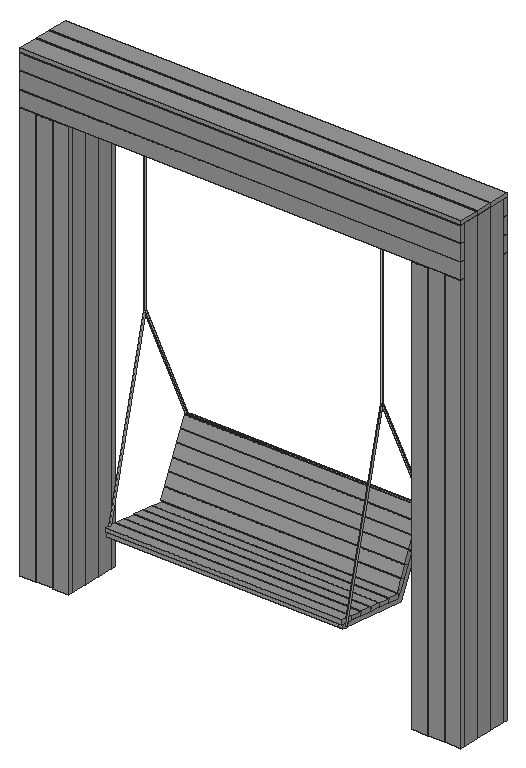
Revit family "Диван-качели «Олимпия» Арт 14001", category Антураж, Revit 2018
Family settings
  На основе рабочей плоскости = Нет
  Всегда вертикально = Да
  При загрузке вырезать с полостями = Нет
  Источник визуального образа = Геометрия семейства
  Общий = Нет
  Точка расчета площади = Нет
Parameters (values of type "Стандартная")
  Ширина = 360 mm  # constant formula
  Цвет отделки = Ангарская сосна
  Цвет каркаса = Сталь
  Описание = "Диван-качели «Олимпия»"  # constant formula
  Материал изделия = "Сталь, дерево"  # constant formula
  Изображение типоразмера = Диван-качели «Олимпия» Арт 14001.jpg
  Изготовитель = "ООО «Хоббика»"  # constant formula
  Длина = 2800 mm  # constant formula
  Группа модели = "Парковые качели"  # constant formula
  Высота = 3000 mm  # constant formula
  Артикул товара = "Арт. 14001"  # constant formula
  URL = "https://hobbyka.ru/product/divankacheli_olimpiya/"
Reference planes
  plane 1 "По центру (Вперед/Назад)": y = 0
  plane 2: z = 0
  plane 3 "По центру (Влево/Вправо)": x = 0
  plane 4: y = 180
  plane 5: y = -180
  plane 6: x = -1400
  plane 7: x = 1400
  plane 8: z = 3000
Forms (mm)
  Extrusion 1, solid, material "Ангарская сосна" <- "Цвет отделки"
    sketch origin (0, 0, 0) x (1, 0, 0) y (0, 1, 0)
      loop
        line (-1400, 155) -> (-1400, 55) -> (-1380, 55) -> (-1380, 155) -> (-1400, 155)
      loop
        line (-1400, -50) -> (-1380, -50) -> (-1380, 50) -> (-1400, 50) -> (-1400, -50)
      loop
        line (-1400, -155) -> (-1380, -155) -> (-1380, -55) -> (-1400, -55) -> (-1400, -155)
      loop
        line (1380, 155) -> (1380, 55) -> (1400, 55) -> (1400, 155) -> (1380, 155)
      loop
        line (1380, -50) -> (1400, -50) -> (1400, 50) -> (1380, 50) -> (1380, -50)
      loop
        line (1380, -155) -> (1400, -155) -> (1400, -55) -> (1380, -55) -> (1380, -155)
    from 0 to 2975
  Extrusion 2, solid, material "Ангарская сосна" <- "Цвет отделки"
    sketch origin (0, 0, 0) x (1, 0, 0) y (0, 1, 0)
      loop
        line (-1400, 180) -> (-1400, 160) -> (-1300, 160) -> (-1300, 180) -> (-1400, 180)
      loop
        line (-1295, 180) -> (-1295, 160) -> (-1195, 160) -> (-1195, 180) -> (-1295, 180)
      loop
        line (-1190, 180) -> (-1190, 160) -> (-1090, 160) -> (-1090, 180) -> (-1190, 180)
      loop
        line (-1400, -160) -> (-1400, -180) -> (-1300, -180) -> (-1300, -160) -> (-1400, -160)
      loop
        line (-1295, -160) -> (-1295, -180) -> (-1195, -180) -> (-1195, -160) -> (-1295, -160)
      loop
        line (-1190, -160) -> (-1190, -180) -> (-1090, -180) -> (-1090, -160) -> (-1190, -160)
      loop
        line (1090, 180) -> (1090, 160) -> (1190, 160) -> (1190, 180) -> (1090, 180)
      loop
        line (1195, 180) -> (1195, 160) -> (1295, 160) -> (1295, 180) -> (1195, 180)
      loop
        line (1300, 180) -> (1300, 160) -> (1400, 160) -> (1400, 180) -> (1300, 180)
      loop
        line (1090, -160) -> (1090, -180) -> (1190, -180) -> (1190, -160) -> (1090, -160)
      loop
        line (1195, -160) -> (1195, -180) -> (1295, -180) -> (1295, -160) -> (1195, -160)
      loop
        line (1300, -160) -> (1300, -180) -> (1400, -180) -> (1400, -160) -> (1300, -160)
      loop
        line (-1090, 155) -> (-1110, 155) -> (-1110, 55) -> (-1090, 55) -> (-1090, 155)
      loop
        line (-1090, 50) -> (-1110, 50) -> (-1110, -50) -> (-1090, -50) -> (-1090, 50)
      loop
        line (-1090, -55) -> (-1110, -55) -> (-1110, -155) -> (-1090, -155) -> (-1090, -55)
      loop
        line (1090, 155) -> (1090, 55) -> (1110, 55) -> (1110, 155) -> (1090, 155)
      loop
        line (1090, 50) -> (1090, -50) -> (1110, -50) -> (1110, 50) -> (1090, 50)
      loop
        line (1090, -55) -> (1090, -155) -> (1110, -155) -> (1110, -55) -> (1090, -55)
    from 0 to 2660
  Extrusion 3, solid, material "Ангарская сосна" <- "Цвет отделки"
    sketch origin (0, 0, 0) x (0, 1, 0) y (0, 0, 1)
      loop
        line (180, 3000) -> (55, 3000) -> (55, 2980) -> (180, 2980) -> (180, 3000)
      loop
        line (50, 2980) -> (50, 3000) -> (-49.943, 3000) -> (-49.943, 2980) -> (50, 2980)
      loop
        line (-55, 2980) -> (-55, 3000) -> (-180, 3000) -> (-180, 2980) -> (-55, 2980)
      loop
        line (-180, 2975) -> (-180, 2875) -> (-160, 2875) -> (-160, 2975) -> (-180, 2975)
      loop
        line (-180, 2870) -> (-180, 2770) -> (-160, 2770) -> (-160, 2870) -> (-180, 2870)
      loop
        line (-180, 2765) -> (-180, 2665) -> (-160, 2665) -> (-160, 2765) -> (-180, 2765)
      loop
        line (180, 2975) -> (160, 2975) -> (160, 2875) -> (180, 2875) -> (180, 2975)
      loop
        line (180, 2870) -> (160, 2870) -> (160, 2770) -> (180, 2770) -> (180, 2870)
      loop
        line (180, 2765) -> (160, 2765) -> (160, 2665) -> (180, 2665) -> (180, 2765)
    from -1400 to 1400
  Extrusion 4, solid, material "Сталь" <- "Цвет каркаса"
    sketch origin (0, 0, 13) x (0, 1, 0) y (0, 0, 1)
      loop
        line (366.069, 895.003) -> (338.88, 907.681) -> (136.854, 474.435) -> (-299.344, 520.282) -> (-302.48, 490.446) -> (155, 442.363) -> (366.069, 895.003)
    from -750 to -720
  Extrusion 5, solid, material "Сталь" <- "Цвет каркаса"
    sketch origin (0, 0, 13) x (0, 1, 0) y (0, 0, 1)
      loop
        line (366.069, 895.003) -> (338.88, 907.681) -> (136.854, 474.435) -> (-299.344, 520.282) -> (-302.48, 490.446) -> (155, 442.363) -> (366.069, 895.003)
    from 720 to 750
  Extrusion 6, solid, material "Ангарская сосна" <- "Цвет отделки"
    sketch origin (0, 0, 13) x (0, 1, 0) y (0, 0, 1)
      loop
        line (-244.646, 514.533) -> (-242.032, 539.396) -> (-311.649, 546.713) -> (-314.262, 521.85) -> (-244.646, 514.533)
      loop
        line (-170.056, 506.693) -> (-167.443, 531.556) -> (-237.06, 538.873) -> (-239.673, 514.01) -> (-170.056, 506.693)
      loop
        line (-95.467, 498.853) -> (-92.854, 523.716) -> (-162.471, 531.033) -> (-165.084, 506.17) -> (-95.467, 498.853)
      loop
        line (-20.878, 491.014) -> (-18.265, 515.877) -> (-87.881, 523.194) -> (-90.495, 498.331) -> (-20.878, 491.014)
      loop
        line (53.711, 483.174) -> (56.324, 508.037) -> (-13.292, 515.354) -> (-15.905, 490.491) -> (53.711, 483.174)
      loop
        line (128.3, 475.334) -> (130.913, 500.198) -> (61.297, 507.514) -> (58.684, 482.651) -> (128.3, 475.334)
      loop
        line (178.496, 563.737) -> (155.839, 574.302) -> (126.255, 510.861) -> (148.913, 500.295) -> (178.496, 563.737)
      loop
        line (210.193, 631.71) -> (187.535, 642.275) -> (157.952, 578.834) -> (180.609, 568.268) -> (210.193, 631.71)
      loop
        line (241.889, 699.683) -> (219.231, 710.249) -> (189.648, 646.807) -> (212.306, 636.242) -> (241.889, 699.683)
      loop
        line (273.585, 767.656) -> (250.928, 778.222) -> (221.344, 714.78) -> (244.002, 704.215) -> (273.585, 767.656)
      loop
        line (305.282, 835.629) -> (282.624, 846.195) -> (253.041, 782.753) -> (275.698, 772.188) -> (305.282, 835.629)
      loop
        line (336.978, 903.602) -> (314.32, 914.168) -> (284.737, 850.726) -> (307.395, 840.161) -> (336.978, 903.602)
    from -750 to 750
  Extrusion 7, solid, material "Сталь" <- "Цвет каркаса"
    sketch origin (0, 0, 0) x (0, 1, 0) y (0, 0, 1)
      loop
        line (-299.344, 533.282) -> (-302.48, 503.446) -> (-272.644, 500.31) -> (-269.509, 530.146) -> (-299.344, 533.282)
      loop
        line (366.069, 908.003) -> (338.88, 920.681) -> (326.202, 893.492) -> (353.391, 880.814) -> (366.069, 908.003)
    from -750 to 750
  Sweep 8, solid
    path origin (0, 0, 0) x (0, 1, 0) y (0, 0, 1)
      loop
        line (0, 2660) -> (0, 1660) -> (346.136, 900.747)
    profile origin (0, 0, 2160) x (1, 0, 0) y (0, 1, 0)
      loop
        circle (-755, 0) r 5
  Sweep 9, solid
    path origin (0, 0, 0) x (0, 1, 0) y (0, 0, 1)
      loop
        line (-285.994, 516.796) -> (0, 1660)
    profile origin (0, -142.997, 1088.398) x (0, -0.970104, 0.24269) y (1, 0, 0)
      loop
        circle (0, -755) r 5
  Sweep 10, solid
    path origin (755, 0, 0) x (0, 1, 0) y (0, 0, -1)
      loop
        line (0, -2660) -> (0, -1660) -> (346.136, -900.747)
    profile origin (755, 0, 2160) x (-1, 0, 0) y (0, -1, 0)
      loop
        circle (0, 0) r 5
  Sweep 11, solid
    path origin (755, 0, 0) x (0, 1, 0) y (0, 0, -1)
      loop
        line (-285.994, -516.796) -> (0, -1660)
    profile origin (755, -142.997, 1088.398) x (0, 0.970104, -0.24269) y (-1, 0, 0)
      loop
        circle (0, 0) r 5
Cuts and joins
  joined: Extrusion 4, Extrusion 7
Dimensions and locks
  "Длина": plane 6 to plane 7
  equal spacing: plane 6, plane 3 "По центру (Влево/Вправо)", plane 7
  "Ширина": plane 4 to plane 5
  equal spacing: plane 4, plane 1 "По центру (Вперед/Назад)", plane 5
  "Высота": plane 8 to level
  aligned and locked: level to plane 2
Automatic sketch dimensions
  Extrusion 1 sketch curve to plane 6 = 0 mm  (x3)
  Extrusion 1 sketch curve to plane 7 = 0 mm  (x3)
  Extrusion 1 sketch curve to Extrusion 1 sketch curve = 20 mm  (x4)
  Extrusion 1 sketch curve to Extrusion 1 sketch curve = 0 mm  (x2)
  plane 5 to Extrusion 1 sketch curve = 25 mm  (x2)
  plane 1 "По центру (Вперед/Назад)" to Extrusion 1 sketch curve = 55 mm  (x2)
  Extrusion 1 sketch curve to Extrusion 1 sketch curve = 5 mm  (x4)
  Extrusion 1 sketch curve to plane 1 "По центру (Вперед/Назад)" = 50 mm  (x2)
  Extrusion 1 sketch curve to plane 4 = 25 mm  (x2)
  Extrusion 2 sketch curve to plane 4 = 0 mm  (x6)
  Extrusion 2 sketch curve to plane 6 = 0 mm  (x2)
  Extrusion 2 sketch curve to plane 5 = 0 mm  (x6)
  Extrusion 2 sketch curve to plane 7 = 0 mm  (x2)
  plane 5 to Extrusion 2 sketch curve = 20 mm  (x3)
  Extrusion 2 sketch curve to Extrusion 2 sketch curve = 100 mm  (x5)
  Extrusion 2 sketch curve to plane 4 = 20 mm  (x5)
  plane 6 to Extrusion 2 sketch curve = 100 mm
  Extrusion 2 sketch curve to Extrusion 2 sketch curve = 5 mm  (x16)
  plane 1 "По центру (Вперед/Назад)" to Extrusion 2 sketch curve = 55 mm  (x2)
  Extrusion 2 sketch curve to Extrusion 2 sketch curve = 80 mm  (x4)
  Extrusion 2 sketch curve to plane 1 "По центру (Вперед/Назад)" = 50 mm
  Extrusion 2 sketch curve to Extrusion 2 sketch curve = 0 mm  (x10)
  Extrusion 2 sketch curve to plane 4 = 25 mm
  Extrusion 2 sketch curve to Extrusion 2 sketch curve = 20 mm  (x6)
  Extrusion 2 sketch curve to plane 7 = 310 mm
  Extrusion 2 sketch curve to plane 1 "По центру (Вперед/Назад)" = 55 mm
  Extrusion 3 sketch curve to plane 5 = 0 mm  (x4)
  Extrusion 3 sketch curve to plane 8 = 0 mm  (x3)
  Extrusion 3 sketch curve to plane 4 = 0 mm  (x4)
  Extrusion 3 sketch curve to Extrusion 3 sketch curve = 20 mm  (x3)
  Extrusion 3 sketch curve to Extrusion 3 sketch curve = 0 mm  (x4)
  Extrusion 3 sketch curve to plane 8 = 20 mm  (x2)
  plane 1 "По центру (Вперед/Назад)" to Extrusion 3 sketch curve = 55 mm
  Extrusion 3 sketch curve to Extrusion 3 sketch curve = 5.057 mm
  Extrusion 3 sketch curve to plane 1 "По центру (Вперед/Назад)" = 50 mm
  Extrusion 3 sketch curve to Extrusion 3 sketch curve = 5 mm  (x6)
  Extrusion 3 sketch curve to plane 8 = 25 mm
  Extrusion 3 sketch curve to Extrusion 3 sketch curve = 100 mm  (x6)
  Extrusion 4 sketch curve to plane 5 = 122.48 mm
  Extrusion 4 sketch curve to Extrusion 4 sketch curve = 3.136 mm
  Extrusion 4 sketch curve to plane 4 = 43.146 mm
  Extrusion 4 sketch curve to plane 4 = 25 mm
  plane 4 to Extrusion 4 sketch curve = 158.88 mm
  Extrusion 4 sketch curve to Extrusion 4 sketch curve = 27.189 mm
  level to Extrusion 4 sketch curve = 455.363 mm
  Extrusion 4 sketch curve to Extrusion 4 sketch curve = 32.072 mm
  Extrusion 5 sketch curve to plane 5 = 122.48 mm
  Extrusion 5 sketch curve to Extrusion 5 sketch curve = 3.136 mm
  Extrusion 5 sketch curve to plane 4 = 43.146 mm
  Extrusion 5 sketch curve to plane 4 = 25 mm
  plane 4 to Extrusion 5 sketch curve = 158.88 mm
  Extrusion 5 sketch curve to Extrusion 5 sketch curve = 27.189 mm
  level to Extrusion 5 sketch curve = 455.363 mm
  Extrusion 5 sketch curve to Extrusion 5 sketch curve = 32.072 mm
  Extrusion 6 sketch curve to plane 5 = 134.262 mm
  Extrusion 6 sketch curve to Extrusion 6 sketch curve = 2.613 mm
  Extrusion 6 sketch curve to plane 5 = 64.646 mm
  Extrusion 6 sketch curve to Extrusion 6 sketch curve = 4.973 mm  (x10)
  plane 5 to Extrusion 6 sketch curve = 9.944 mm
  Extrusion 6 sketch curve to Extrusion 6 sketch curve = 69.617 mm
  plane 1 "По центру (Вперед/Назад)" to Extrusion 6 sketch curve = 20.878 mm
  Extrusion 6 sketch curve to plane 1 "По центру (Вперед/Назад)" = 53.711 mm
  Extrusion 6 sketch curve to plane 4 = 53.745 mm
  Extrusion 6 sketch curve to Extrusion 6 sketch curve = 2.045 mm
  Extrusion 6 sketch curve to Extrusion 6 sketch curve = 18 mm
  Extrusion 6 sketch curve to plane 4 = 24.161 mm
  Extrusion 6 sketch curve to Extrusion 6 sketch curve = 2.113 mm  (x9)
  plane 4 to Extrusion 6 sketch curve = 0.609 mm
  plane 4 to Extrusion 6 sketch curve = 7.535 mm
  plane 4 to Extrusion 6 sketch curve = 39.231 mm
  Extrusion 6 sketch curve to Extrusion 6 sketch curve = 29.583 mm  (x3)
  level to Extrusion 6 sketch curve = 488.334 mm
  Extrusion 6 sketch curve to Extrusion 6 sketch curve = 7.317 mm  (x6)
  Extrusion 6 sketch curve to Extrusion 6 sketch curve = 0.523 mm  (x5)
  Extrusion 6 sketch curve to Extrusion 6 sketch curve = 0.098 mm
  Extrusion 6 sketch curve to Extrusion 6 sketch curve = 10.663 mm
  Extrusion 6 sketch curve to Extrusion 6 sketch curve = 4.532 mm  (x10)
  Extrusion 7 sketch curve to plane 5 = 122.48 mm
  Extrusion 7 sketch curve to Extrusion 7 sketch curve = 3.136 mm  (x2)
  Extrusion 7 sketch curve to Extrusion 7 sketch curve = 29.836 mm
  plane 4 to Extrusion 7 sketch curve = 146.202 mm
  Extrusion 7 sketch curve to Extrusion 7 sketch curve = 12.679 mm  (x2)
  Extrusion 7 sketch curve to Extrusion 7 sketch curve = 27.189 mm
  level to Extrusion 7 sketch curve = 500.31 mm
  Extrusion 7 sketch curve to Extrusion 7 sketch curve = 350.668 mm
  Sweep 8 sketch curve to plane 1 "По центру (Вперед/Назад)" = 0 mm
  plane 4 to Sweep 8 sketch curve = 166.136 mm
  level to Sweep 8 sketch curve = 900.747 mm
  Sweep 8 sketch curve to Sweep 8 sketch curve = 759.253 mm
  Sweep 8 sketch curve to plane 8 = 340 mm
  profile plane to Sweep 8 sketch curve = 0 mm
  Sweep 8 sketch curve to plane 3 "По центру (Влево/Вправо)" = 755 mm
  Sweep 9 sketch curve to plane 5 = 105.994 mm
  level to Sweep 9 sketch curve = 516.796 mm
  Sweep 9 sketch curve to plane 1 "По центру (Вперед/Назад)" = 0 mm
  Sweep 9 sketch curve to Sweep 9 sketch curve = 1143.204 mm
  Sweep 9 sketch curve to profile plane = 0 mm
  Sweep 9 sketch curve to plane 3 "По центру (Влево/Вправо)" = 755 mm
  Sweep 10 sketch curve to plane 1 "По центру (Вперед/Назад)" = 0 mm
  Sweep 10 sketch curve to plane 8 = 1340 mm
  plane 4 to Sweep 10 sketch curve = 166.136 mm
  Sweep 10 sketch curve to plane 8 = 340 mm
  Sweep 10 sketch curve to Sweep 10 sketch curve = 759.253 mm
  Sweep 10 sketch curve to profile plane = 0 mm  (x2)
  Sweep 11 sketch curve to plane 5 = 105.994 mm
  Sweep 11 sketch curve to plane 1 "По центру (Вперед/Назад)" = 0 mm
  Sweep 11 sketch curve to plane 8 = 1340 mm
  level to Sweep 11 sketch curve = 516.796 mm
  profile plane to Sweep 11 sketch curve = 0 mm
  Sweep 11 sketch curve to profile plane = 0 mm
  radius of Sweep 8 sketch curve = 5 mm
  radius of Sweep 9 sketch curve = 5 mm
  radius of Sweep 10 sketch curve = 5 mm
  radius of Sweep 11 sketch curve = 5 mm
